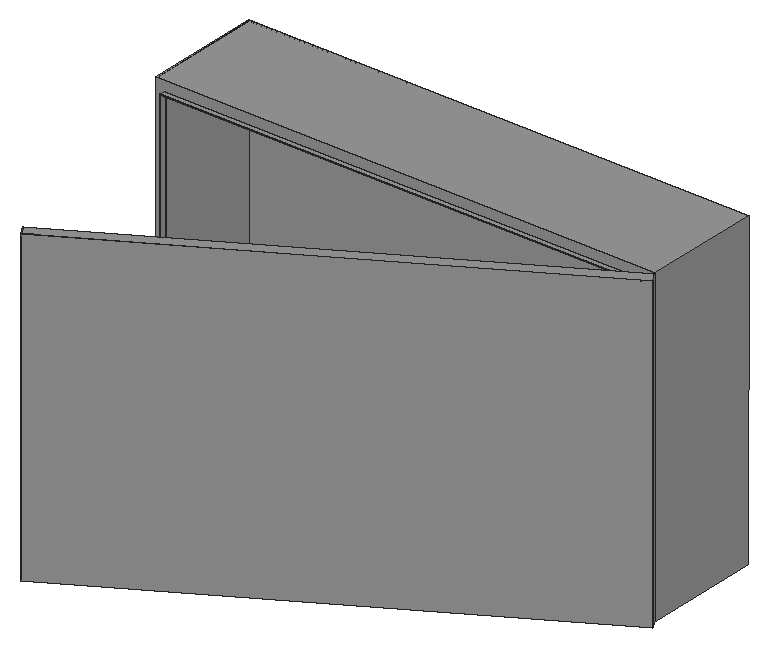
Revit family "Hager-Univers-IP44-D205-Cl.I-H500_Base-NoHosted-CH-de", category Equipement électrique, Revit 2020
Family settings
  Configuration du panneau = Deux colonnes, circuits au sein
  Cote de connecteur circulaire = Utiliser le diamètre
  Type d'élément = Tableau de raccordement
  Basée sur le plan de construction = Oui
  Toujours verticalement = Oui
  Couper avec des vides une fois chargée = Non
  Partagée = Non
  Point de calcul de pièce = Non
Parameters (values of type "Aufputz IP44 B800 H500 T205  - ZB013T")
  Width Control [instance] = if([EF000008 - Breite] > Min Width, [EF000008 - Breite], Min Width)  # 800 mm
  Commentaires du type = [HG000003 - Bereich]  # "Univers"
  Thickness Door [instance] = if([EF009171 - Materialstärke Tür/Deckel] > 3 mm, 3 mm, [EF009171 - Materialstärke Tür/Deckel])  # 1 mm
  Seal Frame Offset [instance] = 17 mm  # constant formula
  Plinth Visibility [instance] = [HG000027 - Sockelhöhe] > 0 mm  # no
  Min Width [instance] = 100 mm  # constant formula
  Min Depth [instance] = (2 * [EF009170 - Materialstärke Gehäuse]) + 1 mm  # 3 mm
  Min Height [instance] = 100 mm  # constant formula
  Internal Frame Depth [instance] = (Door System Depth * 0.5)  # 9 mm
  Panel Name [instance] = ""  # (empty or 0)
  Model = ""
  HG000027 - Sockelhöhe = 0 mm
  HG000026 - Stehend auf dem Boden = no
  HG000024 - Höhe des unteren Teils = 600 mm
  HG000023 - Gehäuse mit doppeltem Querschnitt = no
  HG000016 - 3D-Türsichtbarkeit [instance] = yes
  HG000015 - Sichtbarkeit der Türöffnung [instance] = no
  HG000014 - Tür rechts [instance] = yes
  HG000013 - Tür links [instance] = not([HG000014 - Tür rechts])  # no
  HG000012 - Türschwenkwinkel [instance] = 30.00°
  HG000010 - Asymmetrische Türen = no
  HG000009 - Doppelflügeligen Tür = no
  HG000006 - Unterputz = no
  HG000004 - Herstellerreferenz = "ZB013T"
  HG000003 - Bereich = "Univers"
  HG000002 - Mit tür = yes
  Frame Offset Bottom [instance] = 10 mm  # constant formula
  Frame Offset [instance] = 15 mm  # constant formula
  EF015940 - Deckel mit Überdruckentlastung = no
  EF011959 - Schutzart (NEMA) = ""
  EF009554 - Anzahl der Öffnungen für Flanschplatten = 0
  EF009212 - Ausführung Deckel = "EV000116 - geschlossen"
  EF009171 - Materialstärke Tür/Deckel = 1 mm
  EF009170 - Materialstärke Gehäuse = 1 mm
  EF008873 - Nennstrom (In) = 250 A
  EF007800 - Geeignet für Blitzschutz = no
  EF006306 - Mit Schloss = no
  EF006244 - Transparenter Deckel/Tür = no
  EF005474 - Schutzart (IP) = "EV006418 - IP44"
  EF004464 - Art der Tür = "EV003602 - Doppel"
  EF004427 - Anzahl der Module = 0
  EF004293 - Schlagfestigkeit = "EV006815 - IK09"
  EF003532 - Geeignet für Außengebrauch = no
  EF002950 - Breite in Teilungseinheiten = 0
  EF001613 - Funktionserhalt = "EV000494 - ohne"
  EF001596 - Werkstoff des Gehäuses = "EV000179 - Stahl"
  EF001131 - Innentiefe = 0 mm
  EF001088 - Anbaumöglichkeit = yes
  EF000437 - Anzahl der Leitungseinführungen = 0
  EF000339 - Art der Abdeckung = "EV004216 - Tür"
  EF000266 - Anzahl der Reihen = 0
  EF000218 - Einbautiefe = 0 mm
  EF000118 - Mit Montageplatte = no
  EF000116 - RAL-Nummer = "9010"
  EF000049 - Tiefe = 205 mm
  EF000040 - Höhe = 500 mm
  EF000008 - Breite = 800 mm
  EF000007 - Farbe = "EV000202 - weiß"
  EF000003 - Montageart = "EV000384 - Aufputz"
  Door System Leaf Tolerance [instance] = 1.5 mm  # constant formula
  Door System Depth [instance] = 18 mm  # constant formula
  Door Height [instance] = Height Control - [HG000027 - Sockelhöhe]  # 500 mm
  Description = ""
  Default Elevation = 1219.2 mm
  Connector Offset [instance] = Height Control / 2  # 250 mm
  Fabricant = "Hager"  # constant formula
  Height Control [instance] = if([EF000040 - Höhe] > Min Height, [EF000040 - Höhe], Min Height)  # 500 mm
  Depth Control [instance] = if([EF000049 - Tiefe] > Min Depth, [EF000049 - Tiefe], Min Depth)  # 205 mm
  Bottom Top Plate Trim [instance] = 1.5 mm  # constant formula
  Plinth height Ctrl [instance] = if([HG000027 - Sockelhöhe] > 0 mm, [HG000027 - Sockelhöhe], 12 mm)  # 12 mm
Types (2, lengths in mm): name | Width Control | HG000004 - Herstellerreferenz | EF004464 - Art der Tür | EF000008 - Breite
  Aufputz IP44 B550 H500 T205  - ZB012T | 550 | "ZB012T" | "EV002646 - Einzel" | 550
  Aufputz IP44 B800 H500 T205  - ZB013T | 800 | "ZB013T" | "EV003602 - Doppel" | 800
Reference planes
  plane 1 "Center (Front/Back)": y = 0
  plane 2: z = 0
  plane 3 "Center (Left/Right)": x = 0
  plane 4: y = 0
  plane 5: y = 0
  plane 6: z = 0
  plane 7: x = -400
  plane 8: x = 400
  plane 9: x = 399
  plane 10: x = -399
  plane 11: z = 0
  plane 12: z = 1
  plane 13: y = -205
  plane 14: y = -1
  plane 15: x = 0
  plane 16: y = -187
  plane 17: y = -204
  plane 18: y = -186
  plane 19: x = -384
  plane 20: x = 384
  plane 21: z = 11
  plane 22: x = -383
  plane 23: x = 383
  plane 24: z = 0
  plane 25: z = 500
  plane 26: z = 500
  plane 27: z = 484
  plane 28: z = 499
Forms (mm)
  Extrusion 1, solid, material "Hager_Steel_RAL7035_Light_Grey", detail levels medium+fine
    sketch origin (-208.679, -4572, 0) x (-1, 0, 0) y (0, -1, 0)
      loop
        line (191.321, -4385) -> (-608.679, -4385) -> (-608.679, -4572) -> (191.321, -4572) -> (191.321, -4385)
    from 0 to 500
  Extrusion 2, void
    sketch origin (-350.771, -205, 1219.2) x (1, 0, 0) y (0, 0, 1)
      loop
        line (-48.229, -720.2) -> (-48.229, -1218.2) -> (749.771, -1218.2) -> (749.771, -720.2) -> (-48.229, -720.2)
    from -19 to -204
  Extrusion 3, void
    sketch origin (-290.084, -187, 1219.2) x (1, 0, 0) y (0, 0, 1)
      loop
        line (-93.916, -1208.2) -> (674.084, -1208.2) -> (674.084, -735.2) -> (-93.916, -735.2) -> (-93.916, -1208.2)
    from 0 to -1
  Extrusion 4, solid, material "Hager_Steel_RAL7035_Light_Grey", visible <- "Plinth Visibility", detail levels medium+fine
    sketch origin (0, 0, 0) x (1, 0, 0) y (0, 1, 0)
      loop
        line (-400, 0) -> (-400, -187) -> (400, -187) -> (400, 0) -> (-400, 0)
    from 0 to 12 <- "Plinth height Ctrl"
  Extrusion 5, solid, material "Hager_Steel_RAL7035_Light_Grey", detail levels coarse
    sketch origin (0, 0, 0) x (1, 0, 0) y (0, 1, 0)
      loop
        line (-400, 0) -> (-400, -205) -> (400, -205) -> (400, 0) -> (-400, 0)
    from 0 to 500 <- "Height Control"
  Sweep 6, void
    path in 3D
      loop
        line (-400, -187, 12) -> (400, -187, 12) -> (400, 0, 12) -> (-400, 0, 12) -> (-400, -187, 12)
    profile origin (-400, -93.5, 12) x (1, 0, 0) y (0, 0, 1)
      loop
        line (0, 0) -> (0, -1.5) -> (1.5, -1.5)
        arc (1.5, -1.5) -> (1.061, -0.439) -> (0, 0) r 1.5
  Extrusion 7, solid, material "Hager_Steel_RAL7035_Light_Grey", detail levels fine
    sketch origin (-400, -187, 0) x (1, 0, 0) y (0, 0, 1)
      loop
        line (16, 11) -> (784, 11) -> (784, 484) -> (16, 484) -> (16, 11)
      loop
        line (15, 10) -> (785, 10) -> (785, 485) -> (15, 485) -> (15, 10)
    from 0 to 9 <- "Internal Frame Depth"
Cuts and joins
  Extrusion 2, Extrusion 3 cuts Extrusion 1
  Sweep 6 cuts Extrusion 4
Lines and regions (mm)
  Masking region 1
    outline origin (0, 0, 0) x (1, 0, 0) y (0, 1, 0)
      loop
        line (-400, 0) -> (-400, -205) -> (400, -205) -> (400, 0) -> (-400, 0)
  Masking region 2, detail levels coarse
    outline origin (-290.084, -187, 1219.2) x (-1, 0, 0) y (0, 0, 1)
      loop
        line (-690.084, -1219.2) -> (109.916, -1219.2) -> (109.916, -719.2) -> (-690.084, -719.2) -> (-690.084, -1219.2)
  Masking region 3, detail levels coarse
    outline origin (0, 0, 0) x (0, 1, 0) y (0, 0, 1)
      loop
        line (0, 0) -> (0, 500) -> (-205, 500) -> (-205, 0) -> (0, 0)
  Masking region 4, visible <- "Plinth Visibility", detail levels medium+fine
    outline origin (0, 0, 0) x (0, 1, 0) y (0, 0, 1)
      loop
        line (-1.5, 12) -> (-185.5, 12)
        arc (-185.5, 12) -> (-185.939, 10.939) -> (-187, 10.5) r 1.5
        line (-187, 10.5) -> (-187, 0) -> (0, 0) -> (0, 10.5)
        arc (0, 10.5) -> (-1.061, 10.939) -> (-1.5, 12) r 1.5
  Masking region 5, detail levels medium+fine
    outline origin (0, 0, 594.038) x (0, 1, 0) y (0, 0, 1)
      loop
        line (0, -594.038) -> (0, -94.038) -> (-187, -94.038) -> (-187, -594.038) -> (0, -594.038)
  Masking region 6, detail levels medium+fine
    outline origin (-359.7, -187, 1211.883) x (-1, 0, 0) y (0, 0, 1)
      loop
        line (-759.7, -1211.883) -> (40.3, -1211.883) -> (40.3, -711.883) -> (-759.7, -711.883) -> (-759.7, -1211.883)
  Masking region 7, visible <- "Plinth Visibility", detail levels medium+fine
    outline origin (-320.334, -187, 1041.368) x (-1, 0, 0) y (0, 0, 1)
      loop
        line (-720.334, -1041.368) -> (79.666, -1041.368) -> (79.666, -1030.868)
        arc (79.666, -1030.868) -> (78.606, -1030.429) -> (78.166, -1029.368) r 1.5
        line (78.166, -1029.368) -> (-718.834, -1029.368)
        arc (-718.834, -1029.368) -> (-719.273, -1030.429) -> (-720.334, -1030.868) r 1.5
        line (-720.334, -1030.868) -> (-720.334, -1041.368)
  sketch lines
    curve 1: line (-400, 0, 12) -> (-400, -187, 12)
    curve 2: line (-400, -187, 12) -> (400, -187, 12)
    curve 3: line (400, 0, 12) -> (-400, 0, 12)
    curve 4: line (400, -187, 12) -> (400, 0, 12)
Dimensions and locks
  locked: plane 1 "Center (Front/Back)" to plane 5
  "EF009170 - Materialstärke Gehäuse": plane 7 to plane 10
  "EF009170 - Materialstärke Gehäuse": plane 8 to plane 9
  equal spacing: plane 7, plane 3 "Center (Left/Right)", plane 8
  "Width Control": plane 7 to plane 8
  "Depth Control": plane 4 to plane 13
  "EF009170 - Materialstärke Gehäuse": plane 4 to plane 14
  "Height Control": plane 25 to level
  "HG000027 - Sockelhöhe": plane 11 to level
  "EF009170 - Materialstärke Gehäuse": plane 12 to plane 11
  "EF009170 - Materialstärke Gehäuse": plane 17 to plane 13
  "EF009170 - Materialstärke Gehäuse": plane 18 to plane 16
  "Frame Offset Bottom": plane 21 to plane 12
  "Frame Offset": plane 10 to plane 19
  "Frame Offset": plane 9 to plane 20
  "Door System Depth": plane 16 to plane 13
  "Seal Frame Offset": plane 7 to plane 22
  "Seal Frame Offset": plane 8 to plane 23
  "EF009170 - Materialstärke Gehäuse": plane 26 to plane 28
  "Frame Offset": plane 28 to plane 27
  "Connector Offset": plane 2 to connector elem
  "Bottom Top Plate Trim": profile plane to Sweep 6 sketch curve
  "Bottom Top Plate Trim": Sweep 6 sketch curve to Sweep 6 sketch curve
  "Plinth height Ctrl": Masking region 4 sketch curve to level
  "Plinth height Ctrl": Masking region 7 sketch curve to level
  "Thickness Door": Extrusion 7 sketch curve to Extrusion 7 sketch curve  (x4)
  "Bottom Top Plate Trim": radius of Sweep 6 sketch curve
  "Bottom Top Plate Trim": radius of Masking region 4 sketch curve  (x2)
  "Bottom Top Plate Trim": radius of Masking region 7 sketch curve  (x2)
  aligned and locked: Extrusion 2 sketch curve to plane 12
  aligned and locked: Extrusion 2 sketch curve to plane 9
  aligned and locked: Extrusion 2 sketch curve to plane 10
  aligned and locked: Extrusion 2 to plane 14
  aligned and locked: Extrusion 1 sketch curve to plane 4
  aligned and locked: plane 8 to Extrusion 1 sketch curve
  aligned and locked: plane 7 to Extrusion 1 sketch curve
  aligned and locked: Extrusion 2 to plane 18
  aligned and locked: plane 19 to Extrusion 3 sketch curve
  aligned and locked: plane 20 to Extrusion 3 sketch curve
  aligned and locked: Extrusion 3 to Extrusion 2
  aligned and locked: Extrusion 3 sketch curve to plane 21
  aligned and locked: plane 3 "Center (Left/Right)" to nested 1
  aligned and locked: Extrusion 1 sketch curve to plane 16
  aligned and locked: Extrusion 4 sketch curve to cut or joined group of Extrusion 1, Extrusion 2, Extrusion 3
  aligned and locked: Masking region 1 sketch curve to plane 7
  aligned and locked: Masking region 1 sketch curve to plane 5
  aligned and locked: Masking region 1 sketch curve to plane 8
  aligned and locked: Masking region 2 sketch curve to level
  aligned and locked: level to Masking region 3 sketch curve
  aligned and locked: plane 1 "Center (Front/Back)" to Masking region 3 sketch curve
  aligned and locked: plane 13 to Masking region 3 sketch curve
  aligned and locked: plane 5 to Masking region 4 sketch curve
  aligned and locked: Masking region 2 sketch curve to plane 8
  aligned and locked: Masking region 2 sketch curve to plane 7
  aligned and locked: plane 7 to nested 2
  aligned and locked: nested 2 to plane 5
  aligned and locked: plane 5 to Masking region 5 sketch curve
  aligned and locked: plane 26 to Masking region 5 sketch curve
  aligned and locked: Extrusion 5 sketch curve to plane 8
  aligned and locked: Extrusion 5 sketch curve to plane 7
  aligned and locked: Extrusion 5 sketch curve to plane 5
  aligned and locked: Extrusion 3 sketch curve to plane 27
  aligned and locked: Extrusion 2 sketch curve to plane 28
  aligned and locked: Masking region 2 to plane 25
  aligned and locked: Extrusion 4 to plane 16
  aligned and locked: profile plane to Sweep 6 sketch curve
  aligned and locked: Masking region 5 sketch curve to plane 24
  aligned and locked: level to Masking region 4 sketch curve
  aligned and locked: Masking region 1 to plane 13
  aligned and locked: nested 1 to plane 16
  aligned and locked: Masking region 3 to plane 25
  aligned and locked: plane 16 to Masking region 4 sketch curve
  aligned and locked: Masking region 5 sketch curve to plane 16
  aligned and locked: plane 24 to plane 11
  aligned and locked: plane 26 to plane 25
  aligned and locked: plane 26 to cut or joined group of Extrusion 1, Extrusion 2, Extrusion 3
  aligned and locked: nested 1 to plane 24
  aligned and locked: Extrusion 1 to Extrusion 3
  aligned and locked: Masking region 6 sketch curve to plane 8
  aligned and locked: Masking region 6 sketch curve to plane 24
  aligned and locked: Masking region 6 sketch curve to plane 7
  aligned and locked: Masking region 6 sketch curve to plane 26
  aligned and locked: Masking region 7 sketch curve to plane 7
  aligned and locked: level to Masking region 7 sketch curve
  aligned and locked: Masking region 7 sketch curve to plane 8
  aligned and locked: Extrusion 7 sketch curve to cut or joined group of Extrusion 1, Extrusion 2, Extrusion 3  (x4)
Automatic sketch dimensions
  plane 19 to Extrusion 3 sketch curve = 0 mm
  Extrusion 3 sketch curve to plane 20 = 0 mm
  Extrusion 3 sketch curve to plane 21 = 0 mm
  Extrusion 4 sketch curve to plane 7 = 0 mm
  Extrusion 4 sketch curve to plane 8 = 0 mm
  Extrusion 4 sketch curve to plane 16 = 0 mm
  Masking region 1 sketch curve to plane 13 = 0 mm
  Masking region 2 sketch curve to plane 25 = 0 mm
  Masking region 3 sketch curve to plane 25 = 0 mm
  Extrusion 5 sketch curve to plane 13 = 0 mm
  profile plane to Sweep 6 sketch curve = 0 mm
Nested families
  nested 1: "EC000058_Univers_Door" at (0, -187, 0), Double <- "HG000009 - Doppelflügeligen Tür", Transparent <- "EF006244 - Transparenter Deckel/Tür", Angle <- "HG000012 - Türschwenkwinkel", Door_Right <- "HG000014 - Tür rechts", Assymetrical <- "HG000010 - Asymmetrische Türen", Door <- "HG000002 - Mit tür", Width_Ctrl <- "Width Control", 3d_Door <- "HG000016 - 3D-Türsichtbarkeit", Clearance <- "HG000015 - Sichtbarkeit der Türöffnung", Door_Left <- "HG000013 - Tür links", Width <- "Width Control", Door_Depth <- "Door System Depth", Leaf_Tolerance <- "Door System Leaf Tolerance", Height <- "Door Height", Lock_Visibility <- "EF006306 - Mit Schloss", Thickness <- "Thickness Door", type "EC000058_Univers_Door", detail levels medium+fine
    with min_wh 3 mm, Width_Ctrl 800 mm, Width 800 mm, Transparent no, Thickness 1 mm, Seal_Material Hager_Rubber, Lock_Visibility no, Lock_Material Hager_Plastic_RAL9005_Jet_Black, Leaf_Width 800 mm, Leaf_Tolerance_External_Sides 0 mm, Leaf_Tolerance 1.5 mm, Leaf_Offset 0 mm, Leaf_Height 497 mm, Leaf_2_Width 800 mm, Leaf_2_Offset 400 mm, Leaf_1_Width 800 mm, Leaf_1_Offset 400 mm, Height_Ctrl 500 mm, Height 500 mm, Glass_Material Hager_Glass, Double_Clearance_Ctrl no, Double no, Door_Right_Ctrl yes, Door_Right yes, Door_Material Hager_Steel_RAL7035_Light_Grey, Door_Left_Ctrl no, Door_Left no, Door_Depth 18 mm, Door yes, Clearance_Material Hager_Clearance, Clearance_Depth 800 mm, Clearance_Ctrl no, Clearance no, Assymetrical no, Angle 30.00°, 3d_Door yes
  nested 2: "Hager_Enclosure_Symbol" at (-400, 0, 0), Height <- "Depth Control", Width <- "Width Control", type "Hager_Enclosure_Symbol"
    with Width_Ctrl 800 mm, Width 800 mm, Height_Ctrl 205 mm, Height 205 mm, A_Width_Int 13.453 mm, A_Width 161.438 mm, A_Height_Ctrl 179.375 mm, A_Height 179.375 mm
Connectors
  electrical at (0, 0, 250)
    settings: on plane 1 "Center (Front/Back)", index 1, voltage 0 V, apparent load 0 VA, apparent load phase1 0 VA, apparent load phase2 0 VA, apparent load phase3 0 VA, power factor 1, load classification "Other", number of poles 1, system type 30, power factor state 1, is connector primary yes, connector utility no, sub classification motor no, connector description ""
Definition of nested family "EC000058_Univers_Door"
  Parameters (values of type "EC000058_Univers_Door")
    min_wh [instance] = (2 * Thickness) + 1 mm  # 11 mm
    Width_Ctrl [instance] = 400 mm
    Width [instance] = 500 mm
    Transparent [instance] = yes
    Thickness [instance] = 5 mm
    Seal_Material [instance] = none
    Lock_Visibility [instance] = yes
    Lock_Material [instance] = none
    Leaf_Width [instance] = if((Width_Ctrl - 2 * Leaf_Tolerance_External_Sides) > 0 mm, (Width_Ctrl - 2 * Leaf_Tolerance_External_Sides), min_wh)  # 400 mm
    Leaf_Tolerance_External_Sides [instance] = 0 mm  # constant formula
    Leaf_Tolerance [instance] = 1.5 mm
    Leaf_Offset [instance] = 0 mm  # constant formula
    Leaf_Height [instance] = if((Height_Ctrl - 2 * Leaf_Tolerance) > 0 mm, (Height_Ctrl - 2 * Leaf_Tolerance), min_wh)  # 497 mm
    Leaf_2_Width [instance] = if(and(and(Double, Assymetrical), Door_Left), (Leaf_Width / 3) - (Leaf_Tolerance / 2), if(and(and(Double, Assymetrical), Door_Right), (Leaf_Width / 3) * 2 - (Leaf_Tolerance / 2), if(and(Double, not(Assymetrical)), (Leaf_Width / 2) - Leaf_Tolerance, Leaf_Width)))  # 400 mm
    Leaf_2_Offset [instance] = if(and(Double, Assymetrical), Leaf_2_Width / 2, if(and(Double, not(Assymetrical)), Leaf_Width / 4, Leaf_Width / 2))  # 200 mm
    Leaf_1_Width [instance] = if(and(and(Double, Assymetrical), Door_Right), (Leaf_Width / 3) - (Leaf_Tolerance / 2), if(and(and(Double, Assymetrical), Door_Left), (Width / 3) * 2 - (Leaf_Tolerance / 2), if(and(Double, not(Assymetrical)), (Leaf_Width / 2) - Leaf_Tolerance, Leaf_Width)))  # 400 mm
    Leaf_1_Offset [instance] = if(and(Double, Assymetrical), Leaf_1_Width / 2, if(and(Double, not(Assymetrical)), Leaf_Width / 4, Leaf_Width / 2))  # 200 mm
    Height_Ctrl [instance] = if(Height > min_wh, Height, min_wh)  # 500 mm
    Height [instance] = 500 mm
    Glass_Material [instance] = none
    Double_Clearance_Ctrl [instance] = and(Double, Clearance)  # no
    Double [instance] = no
    Door_Right_Ctrl [instance] = and(or(Door_Right, Double), Door)  # yes
    Door_Right [instance] = yes
    Door_Material [instance] = none
    Door_Left_Ctrl [instance] = and(or(Door_Left, Double), Door)  # no
    Door_Left [instance] = no
    Door_Depth [instance] = 30 mm
    Door [instance] = yes
    Default Elevation = 1219.2 mm
    Clearance_Material [instance] = none
    Clearance_Depth [instance] = if(Leaf_1_Width > Leaf_2_Width, Leaf_1_Width, Leaf_2_Width)  # 400 mm
    Clearance_Ctrl [instance] = and(not(Double), Clearance)  # yes
    Clearance [instance] = yes
    Assymetrical [instance] = yes
    Angle [instance] = 30.00°
    3d_Door [instance] = yes
  Reference planes
    plane 1 "Center (Front/Back)": y = 0
    plane 2 "Bottom": z = 0
    plane 3 "Center (Left/Right)": x = 0
    plane 4: z = 500
    plane 5: x = -200
    plane 6: x = 200
    plane 7: z = 500
    plane 8: x = -200
    plane 9: z = 0
    plane 10: x = 200
    plane 11: y = 0
    plane 12: z = 1.5
    plane 13: x = -600
    plane 14: y = -400
    plane 15: x = 600
    plane 16: x = 0
    plane 17: x = 0
    plane 18: x = -200
    plane 19: x = 200
    plane 20: z = 498.5
  Forms (mm)
    Extrusion 1, solid, material <- "Clearance_Material", visible <- "Double_Clearance_Ctrl"
      sketch origin (1200, 0, 0) x (1, 0, 0) y (0, 0, -1)
        loop
          line (-1800, -498.5) -> (-600, -498.5) -> (-600, 0) -> (-1800, 0) -> (-1800, -498.5)
      from 0 to -400
  Dimensions and locks
    equal spacing: plane 5, plane 3 "Center (Left/Right)", plane 6
    "Width_Ctrl": plane 5 to plane 6
    "Leaf_Offset": plane 5 to plane 8
    "Leaf_Offset": plane 6 to plane 10
    "Leaf_Offset": plane 9 to level
    "Leaf_Offset": plane 4 to plane 7
    "Height_Ctrl": plane 4 to level
    "Leaf_Tolerance": plane 12 to plane 9
    locked: plane 11 to plane 1 "Center (Front/Back)"
    "Leaf_1_Offset": plane 18 to plane 16
    "Leaf_2_Offset": plane 17 to plane 19
    "Leaf_1_Width": plane 13 to plane 8
    "Leaf_2_Width": plane 10 to plane 15
    "Clearance_Depth": plane 14 to plane 1 "Center (Front/Back)"
    "Leaf_Tolerance_External_Sides": plane 8 to plane 18
    "Leaf_Tolerance_External_Sides": plane 19 to plane 10
    "Leaf_Tolerance": plane 7 to plane 20
    aligned and locked: level to plane 2 "Bottom"
    aligned and locked: nested 1 to plane 16
    aligned and locked: nested 2 to plane 17
    aligned and locked: Extrusion 1 to plane 13
    aligned and locked: plane 15 to Extrusion 1
    aligned and locked: Extrusion 1 to plane 14
    aligned and locked: plane 12 to nested 1
    aligned and locked: nested 2 to plane 12
    aligned and locked: Extrusion 1 to plane 11
    aligned and locked: plane 20 to Extrusion 1
    aligned and locked: nested 2 to plane 11
    aligned and locked: nested 1 to plane 11
  Automatic sketch dimensions
    Extrusion 1 sketch curve to level = 0 mm
    plane 5 to Extrusion 1 sketch curve = 400 mm
    plane 6 to Extrusion 1 sketch curve = 400 mm
    Extrusion 1 sketch curve to plane 4 = 1.5 mm
  Nested families
    nested 1: "EC000058_Univers_Door_Leaf" at (0, 0, 1.5), Width <- "Leaf_1_Width", visible <- "Door_Left_Ctrl", Leaf_Height <- "Leaf_Height", Angle <- "Angle", 3d_Door <- "3d_Door", Transparent <- "Transparent", Clearance Material <- "Clearance_Material", Clearance <- "Clearance_Ctrl", Door_Material <- "Door_Material", Glass_Material <- "Glass_Material", Door_Depth <- "Door_Depth", Lock_Material <- "Lock_Material", Seal_Material <- "Seal_Material", Lock_Visibility <- "Lock_Visibility", Thickness <- "Thickness", type "EC000058_Univers_Door_Leaf"
      with Width 400 mm, Transparent_Glass_Offset 30 mm, Transparent_Ctrl yes, Transparent yes, Thickness 5 mm, Standard no, Seal_Material none, Seal_D2 8 mm, Seal_D1 1 mm, Offset_Internal_Frame 10 mm, Lock_Width 20 mm, Lock_Visibility_3d yes, Lock_Visibility yes, Lock_Thickness_3 3 mm, Lock_Thickness_2 1 mm, Lock_Thickness_1 3 mm, Lock_Radius_Offset_2 16 mm, Lock_Radius_Offset_1 15 mm, Lock_Radius_2 5 mm, Lock_Radius 6 mm, Lock_Offset 5 mm, Lock_Material none, Lock_Height 80 mm, Lock_Cover_Top_Offset_2d 17 mm, Lock_Cover_Height -65 mm, Leaf_Height 497 mm, Internal_Seal_Thickness 8 mm, Internal_Seal_Depth_2 4.5 mm, Internal_Frame_Depth 25 mm, Glass_Thickness -1 mm, Glass_Offset -2 mm, Glass_Material none, Door_Material none, Door_Depth 30 mm, Clearance Material none, Clearance yes, Angle_Ctrl 30.00°, Angle 30.00°, 3d_Door yes
    nested 2: "EC000058_Univers_Door_Leaf" at (0, 0, 1.5) x (-1, 0, 0) z (0, 0, 1), Width <- "Leaf_2_Width", visible <- "Door_Right_Ctrl", Leaf_Height <- "Leaf_Height", Angle <- "Angle", 3d_Door <- "3d_Door", Transparent <- "Transparent", Clearance Material <- "Clearance_Material", Clearance <- "Clearance_Ctrl", Door_Material <- "Door_Material", Glass_Material <- "Glass_Material", Door_Depth <- "Door_Depth", Lock_Material <- "Lock_Material", Seal_Material <- "Seal_Material", Lock_Visibility <- "Lock_Visibility", Thickness <- "Thickness", type "EC000058_Univers_Door_Leaf"
      with Width 400 mm, Transparent_Glass_Offset 30 mm, Transparent_Ctrl yes, Transparent yes, Thickness 5 mm, Standard no, Seal_Material none, Seal_D2 8 mm, Seal_D1 1 mm, Offset_Internal_Frame 10 mm, Lock_Width 20 mm, Lock_Visibility_3d yes, Lock_Visibility yes, Lock_Thickness_3 3 mm, Lock_Thickness_2 1 mm, Lock_Thickness_1 3 mm, Lock_Radius_Offset_2 16 mm, Lock_Radius_Offset_1 15 mm, Lock_Radius_2 5 mm, Lock_Radius 6 mm, Lock_Offset 5 mm, Lock_Material none, Lock_Height 80 mm, Lock_Cover_Top_Offset_2d 17 mm, Lock_Cover_Height -65 mm, Leaf_Height 497 mm, Internal_Seal_Thickness 8 mm, Internal_Seal_Depth_2 4.5 mm, Internal_Frame_Depth 25 mm, Glass_Thickness -1 mm, Glass_Offset -2 mm, Glass_Material none, Door_Material none, Door_Depth 30 mm, Clearance Material none, Clearance yes, Angle_Ctrl 30.00°, Angle 30.00°, 3d_Door yes
  Definition of nested family "EC000058_Univers_Door_Leaf"
    Parameters (values of type "EC000058_Univers_Door_Leaf")
      Width [instance] = 2000 mm
      Transparent_Glass_Offset [instance] = 30 mm
      Transparent_Ctrl [instance] = and(Transparent, [3d_Door])  # yes
      Transparent [instance] = yes
      Thickness [instance] = 5 mm
      Standard [instance] = and(not(Transparent), [3d_Door])  # no
      Seal_Material [instance] = none
      Seal_D2 [instance] = 8 mm  # constant formula
      Seal_D1 [instance] = 1 mm  # constant formula
      Offset_Internal_Frame [instance] = 10 mm  # constant formula
      Lock_Width [instance] = 20 mm  # constant formula
      Lock_Visibility_3d [instance] = and(Lock_Visibility, [3d_Door])  # yes
      Lock_Visibility [instance] = yes
      Lock_Thickness_3 [instance] = 3 mm  # constant formula
      Lock_Thickness_2 [instance] = 1 mm  # constant formula
      Lock_Thickness_1 [instance] = 3 mm  # constant formula
      Lock_Radius_Offset_2 [instance] = Lock_Radius_Offset_1 + 1 mm  # 16 mm
      Lock_Radius_Offset_1 [instance] = 15 mm  # constant formula
      Lock_Radius_2 [instance] = Lock_Radius - 1 mm  # 5 mm
      Lock_Radius [instance] = 6 mm  # constant formula
      Lock_Offset [instance] = 5 mm  # constant formula
      Lock_Material [instance] = none
      Lock_Height [instance] = 80 mm  # constant formula
      Lock_Cover_Top_Offset_2d [instance] = Lock_Radius_Offset_2 + 1 mm  # 17 mm
      Lock_Cover_Height [instance] = -(Lock_Height - Lock_Radius_Offset_1)  # -65 mm
      Leaf_Height [instance] = 2720.336 mm
      Internal_Seal_Thickness [instance] = 8 mm  # constant formula
      Internal_Seal_Depth_2 [instance] = 4.5 mm  # constant formula
      Internal_Frame_Depth [instance] = if(Door_Depth - Thickness > 5 mm, Door_Depth - Thickness, 5 mm)  # 25 mm
      Glass_Thickness [instance] = if(Thickness > 15 mm, Glass_Offset + 10 mm, -1 mm)  # -1 mm
      Glass_Offset [instance] = if(Thickness > 15 mm, -(Thickness + 10 mm) / 2, -2 mm)  # -2 mm
      Glass_Material [instance] = none
      Door_Material [instance] = none
      Door_Depth [instance] = 30 mm
      Default Elevation = 0 mm
      Clearance Material [instance] = none
      Clearance [instance] = yes
      Angle_Ctrl [instance] = if(Angle > 180.00°, 180.00°, Angle)  # 90.00°
      Angle [instance] = 90.00°
      3d_Door [instance] = yes
    Reference planes
      plane 1 "Center (Front/Back)": y = 0
      plane 2: z = 0
      plane 3 "Center (Left/Right)": x = 0
      plane 4: y = 2000
      plane 5: x = -1000
      plane 6: x = 1000
      plane 7: x = -3000
      plane 8: z = 2720.336
      plane 9: z = 30
      plane 10: z = 2690.336
      plane 11: x = 970
      plane 12: x = -970
      plane 13: y = -3
      plane 14: z = 107.833
      plane 15: y = -5
      plane 16: y = -223.314
      plane 17: x = -1000
      plane 18: z = 1360.168
      plane 19: y = 30
    Forms (mm)
      Extrusion 1, solid, material <- "Clearance Material", visible <- "Clearance"
        sketch origin (0, 0, 0) x (1, 0, 0) y (0, 0, 1)
          loop
            line (-3000, 2720.336) -> (-3000, 0) -> (1000, 0) -> (1000, 2720.336) -> (-3000, 2720.336)
        from 0 to -2000
      Extrusion 2, solid, material <- "Door_Material", visible <- "Standard", detail levels medium+fine
        sketch origin (-1000, 0, 0) x (0, 1, 0) y (-1, 0, 0)
          loop
            line (0, 30) -> (0, 25) -> (2000, 25) -> (2000, 30) -> (0, 30)
        from 0 to 2720.336 <- "Leaf_Height"
      Extrusion 3, solid, material <- "Door_Material", visible <- "Transparent_Ctrl", detail levels medium+fine
        sketch origin (-1000, 0, 0) x (0, 1, 0) y (-1, 0, 0)
          loop
            line (0, 25) -> (2000, 25) -> (2000, 30) -> (0, 30) -> (0, 25)
        from 0 to 2720.336 <- "Leaf_Height"
      Extrusion 4, void
        sketch origin (-1025, 2000, 0) x (0, 1, 0) y (0, 0, -1)
          loop
            line (-30, -2690.336) -> (-30, -30) -> (-1970, -30) -> (-1970, -2690.336) -> (-30, -2690.336)
        from 0 to 5 <- "Thickness"
      Sweep 5, solid, material <- "Seal_Material", visible <- "Transparent_Ctrl", detail levels fine
        path in 3D
          loop
            line (-1025, 30, 30) -> (-1025, 30, 2690.336) -> (-1025, 1970, 2690.336) -> (-1025, 1970, 30) -> (-1025, 30, 30)
        profile origin (-1025, 1000, 30) x (1, 0, 0) y (0, 0, 1)
          loop
            line (0, 0) -> (0, -8) -> (1, -8) -> (1, 0) -> (0, 0)
      Extrusion 6, solid, material <- "Glass_Material", visible <- "Transparent_Ctrl", detail levels medium+fine
        sketch origin (-1030, 0, 0) x (0, 1, 0) y (0, 0, -1)
          loop
            line (1970, -2690.336) -> (1970, -30) -> (30, -30) -> (30, -2690.336) -> (1970, -2690.336)
        from -2 <- "Glass_Offset" to -1 <- "Glass_Thickness"
      Extrusion 7, solid, material <- "Door_Material", visible <- "3d_Door", detail levels medium+fine
        sketch origin (-1025, 2000, 0) x (0, -1, 0) y (0, 0, -1)
          loop
            line (0, -2720.336) -> (2000, -2720.336) -> (2000, 0) -> (0, 0) -> (0, -2720.336)
          loop
            line (1995, -5) -> (5, -5) -> (5, -2715.336) -> (1995, -2715.336) -> (1995, -5)
        from 0 to 25 <- "Internal_Frame_Depth"
      Sweep 8, solid, material <- "Seal_Material", visible <- "Transparent_Ctrl", detail levels fine
        path in 3D
          loop
            line (-1025, 0, 0) -> (-1025, 2000, 0) -> (-1025, 2000, 2720.336) -> (-1025, 0, 2720.336) -> (-1025, 0, 0)
        profile origin (-1025, 0, 1360.168) x (1, 0, 0) y (0, 1, 0)
          loop
            line (0, 10) -> (2.975, 10)
            arc (2.975, 10) -> (4.053, 10.447) -> (4.5, 11.525) r 1.525
            line (4.5, 11.525) -> (4.5, 16.527)
            arc (4.5, 16.527) -> (4.069, 17.569) -> (3.027, 18) r 1.473
            line (3.027, 18) -> (0, 18) -> (0, 10)
      Extrusion 9, solid, material <- "Lock_Material", visible <- "Lock_Visibility_3d", detail levels fine
        sketch origin (-1030, 0, 0) x (0, 1, 0) y (0, 0, -1)
          loop
            arc (1993.5, -1400.168) -> (1994.561, -1399.729) -> (1995, -1398.668) r 1.5
            line (1995, -1398.668) -> (1995, -1320.168) -> (1975, -1320.168) -> (1975, -1398.668)
            arc (1975, -1398.668) -> (1975.439, -1399.729) -> (1976.5, -1400.168) r 1.5
            line (1976.5, -1400.168) -> (1993.5, -1400.168)
        from 3 <- "Lock_Thickness_1" to 0
      Blend 10, solid, material <- "Lock_Material", visible <- "Lock_Visibility_3d", detail levels fine
        base sketch origin (-1033, 0, 0) x (0, 1, 0) y (0, 0, -1)
          loop
            line (1975, -1320.168) -> (1975, -1398.668)
            arc (1975, -1398.668) -> (1975.439, -1399.729) -> (1976.5, -1400.168) r 1.5
            line (1976.5, -1400.168) -> (1993.5, -1400.168)
            arc (1993.5, -1400.168) -> (1994.561, -1399.729) -> (1995, -1398.668) r 1.5
            line (1995, -1398.668) -> (1995, -1320.168) -> (1975, -1320.168)
        top sketch origin (-1033, 0, 0) x (0, 1, 0) y (0, 0, -1)
          loop
            line (1976, -1320.168) -> (1976, -1398.668)
            arc (1976, -1398.668) -> (1976.146, -1399.022) -> (1976.5, -1399.168) r 0.5
            line (1976.5, -1399.168) -> (1993.5, -1399.168)
            arc (1993.5, -1399.168) -> (1993.854, -1399.022) -> (1994, -1398.668) r 0.5
            line (1994, -1398.668) -> (1994, -1320.168) -> (1976, -1320.168)
        from 0 to 1 <- "Lock_Thickness_2"
      Blend 11, solid, material <- "Lock_Material", visible <- "Lock_Visibility_3d", detail levels fine
        base sketch origin (-1034, 0, 0) x (0, 1, 0) y (0, 0, -1)
          loop
            line (1978, -1320.168) -> (1978, -1384.168)
            arc (1978, -1384.168) -> (1985, -1391.168) -> (1992, -1384.168) r 7
            line (1992, -1384.168) -> (1992, -1320.168) -> (1978, -1320.168)
        top sketch origin (-1034, 0, 0) x (0, 1, 0) y (0, 0, -1)
          loop
            line (1991, -1320.168) -> (1979, -1320.168) -> (1979, -1383.168)
            arc (1979, -1383.168) -> (1985, -1389.168) -> (1991, -1383.168) r 6
            line (1991, -1383.168) -> (1991, -1320.168)
        from 0 to 3 <- "Lock_Thickness_3"
      Extrusion 12, solid, material <- "Lock_Material", visible <- "Lock_Visibility_3d", detail levels fine
        sketch origin (-1030, 1975, 1320.168) x (1, 0, 0) y (0, -1, 0)
          loop
            line (-7, -19) -> (-7, -1) -> (0, -1) -> (0, 0) -> (-8, 0) -> (-8, -20) -> (0, -20) -> (0, -19) -> (-7, -19)
        from 0 to -65 <- "Lock_Cover_Height"
      Extrusion 13, void
        sketch origin (-1038, 1995, 1320.168) x (-1, 0, 0) y (0, 0, -1)
          loop
            line (-5, -65) -> (0, -65) -> (-5, -60) -> (-5, -65)
        from 0 to 20 <- "Lock_Width"
      Extrusion 14, void
        sketch origin (-1038, 1975, 1320.168) x (0, -1, 0) y (0, 0, -1)
          loop
            circle (-10, -15.995) r 6
          loop
            circle (-10, -15.995) r 5
        from 0 to 2
      Extrusion 15, solid, material <- "Lock_Material", visible <- "Lock_Visibility_3d", detail levels medium
        sketch origin (-1030, 0, 0) x (0, 1, 0) y (0, 0, -1)
          loop
            arc (1993.5, -1400.168) -> (1994.561, -1399.729) -> (1995, -1398.668) r 1.5
            line (1995, -1398.668) -> (1995, -1320.168) -> (1975, -1320.168) -> (1975, -1398.668)
            arc (1975, -1398.668) -> (1975.439, -1399.729) -> (1976.5, -1400.168) r 1.5
            line (1976.5, -1400.168) -> (1993.5, -1400.168)
        from 8 to 0
    Cuts and joins
      Extrusion 4 cuts Extrusion 3
      Extrusion 13, Extrusion 14 cuts Extrusion 9
      Extrusion 14 cuts Blend 11
      Extrusion 13, Extrusion 14 cuts Extrusion 12
      joined: Extrusion 9, Blend 10, Blend 11, Extrusion 12
      Extrusion 14 cuts Extrusion 15
    Lines and regions (mm)
      Masking region 1, visible <- "Lock_Visibility", detail levels fine
        outline origin (0, 0, 0) x (0, 1, 0) y (0, 0, 1)
          loop
            line (30, 1320.168) -> (33, 1320.168) -> (33, 1400.168) -> (30, 1400.168) -> (30, 1320.168)
      Masking region 2, visible <- "Lock_Visibility", detail levels fine
        outline origin (0, 3.143, 0) x (0, 1, 0) y (0, 0, 1)
          loop
            line (29.857, 1354.168) -> (30.857, 1354.168) -> (30.857, 1366.168) -> (29.857, 1366.168) -> (29.857, 1354.168)
      Masking region 3, detail levels medium+fine
        outline origin (0, 0, 0) x (0, 1, 0) y (0, 0, 1)
          loop
            line (0, 0) -> (30, 0) -> (30, 2720.336) -> (0, 2720.336) -> (0, 0)
      Masking region 4, detail levels medium+fine
        outline origin (0, 0, 0) x (1, 0, 0) y (0, 0, 1)
          loop
            line (-1000, 2720.336) -> (-1000, 0) -> (1000, 0) -> (1000, 2720.336) -> (-1000, 2720.336)
      Masking region 5, visible <- "Lock_Visibility", detail levels fine
        outline origin (-47.116, 0, 0) x (1, 0, 0) y (0, 0, 1)
          loop
            arc (1024.616, 1399.168) -> (1023.556, 1398.729) -> (1023.116, 1397.668) r 1.5
            line (1023.116, 1397.668) -> (1023.116, 1320.168) -> (1041.116, 1320.168) -> (1041.116, 1397.668)
            arc (1041.116, 1397.668) -> (1040.677, 1398.729) -> (1039.616, 1399.168) r 1.5
            line (1039.616, 1399.168) -> (1024.616, 1399.168)
      Masking region 6, visible <- "Lock_Visibility", detail levels medium+fine
        outline origin (-25, 0, 0) x (1, 0, 0) y (0, 0, 1)
          loop
            arc (1001.5, 1400.168) -> (1000.439, 1399.729) -> (1000, 1398.668) r 1.5
            line (1000, 1398.668) -> (1000, 1320.168) -> (1020, 1320.168) -> (1020, 1398.668)
            arc (1020, 1398.668) -> (1019.561, 1399.729) -> (1018.5, 1400.168) r 1.5
            line (1018.5, 1400.168) -> (1001.5, 1400.168)
      Masking region 7, visible <- "Lock_Visibility", detail levels fine
        outline origin (-73.735, 0, 0) x (1, 0, 0) y (0, 0, 1)
          loop
            line (1051.735, 1382.168) -> (1065.735, 1382.168) -> (1065.735, 1384.168)
            arc (1065.735, 1384.168) -> (1058.735, 1391.168) -> (1051.735, 1384.168) r 7
            line (1051.735, 1384.168) -> (1051.735, 1382.168)
      Masking region 8, visible <- "Lock_Visibility", detail levels fine
        outline origin (-73.735, 0, 0) x (1, 0, 0) y (0, 0, 1)
          loop
            line (1052.735, 1382.168) -> (1064.735, 1382.168) -> (1064.735, 1383.168)
            arc (1064.735, 1383.168) -> (1058.735, 1389.168) -> (1052.735, 1383.168) r 6
            line (1052.735, 1383.168) -> (1052.735, 1382.168)
      Masking region 9, visible <- "Lock_Visibility", detail levels fine
        outline origin (-25, 0, 0) x (1, 0, 0) y (0, 0, 1)
          loop
            line (1020, 1320.168) -> (1020, 1382.168) -> (1000, 1382.168) -> (1000, 1320.168) -> (1020, 1320.168)
      Masking region 10, detail levels medium+fine
        outline origin (0, 0, 0) x (1, 0, 0) y (0, 0, 1)
          loop
            circle (985, 1335.144) r 6
      Masking region 11, detail levels fine
        outline origin (0, 0, 0) x (1, 0, 0) y (0, 0, 1)
          loop
            circle (985, 1335.144) r 5
      Masking region 12, visible <- "Lock_Visibility", detail levels fine
        outline origin (0, 12.767, 0) x (0, 1, 0) y (0, 0, 1)
          loop
            line (20.233, 1320.168) -> (21.233, 1320.168) -> (21.233, 1399.168) -> (20.233, 1400.168) -> (20.233, 1320.168)
      Masking region 13, visible <- "Lock_Visibility", detail levels fine
        outline origin (0, 13.767, -10) x (0, 1, 0) y (0, 0, 1)
          loop
            line (20.233, 1330.168) -> (23.233, 1330.168) -> (23.233, 1399.168) -> (20.233, 1402.168) -> (20.233, 1330.168)
      Masking region 14, visible <- "Lock_Visibility", detail levels fine
        outline origin (0, 12.767, -10) x (0, 1, 0) y (0, 0, 1)
          loop
            line (20.233, 1330.168) -> (25.233, 1330.168) -> (25.233, 1399.305) -> (20.233, 1394.305) -> (20.233, 1330.168)
      Masking region 15, visible <- "Lock_Visibility", detail levels medium
        outline origin (0, 0, 0) x (0, 1, 0) y (0, 0, 1)
          loop
            line (30, 1320.168) -> (38, 1320.168) -> (38, 1400.168) -> (30, 1400.168) -> (30, 1320.168)
      Masking region 16, visible <- "Lock_Visibility", detail levels fine
        outline origin (-1000, 0, 0) x (0, 1, 0) y (-1, 0, 0)
          loop
            line (1975, 30) -> (1995, 30) -> (1995, 38) -> (1975, 38) -> (1975, 30)
          loop
            line (1979, 37) -> (1976, 37) -> (1976, 34) -> (1978, 34) -> (1979, 37)
          loop
            line (1994, 37) -> (1991, 37) -> (1992, 34) -> (1994, 34) -> (1994, 37)
      Masking region 17, visible <- "Lock_Visibility", detail levels medium
        outline origin (-1000, 0, 0) x (0, 1, 0) y (-1, 0, 0)
          loop
            line (1975, 30) -> (1995, 30) -> (1995, 38) -> (1975, 38) -> (1975, 30)
      symbolic lines
        curve 1: line (1000, 0, 0) -> (-3000, 0, 0)
        curve 2: arc (1000, 0, 0) -> (-1000, 2000, 0) -> (-3000, 0, 0) r 2000
        curve 4: line (-1030, 0, 0) -> (-1030, 2000, 0)
      reference lines
        curve 3: line (-1000, 0, 0) -> (-1000, 2000, 0)
      symbolic lines, detail levels medium+fine
        curve 5: line (-1030, 2000, 0) -> (-1025, 2000, 0)
        curve 7: line (-1025, 0, 0) -> (-1030, 0, 0)
        curve 8: line (-1025, 0, 0) -> (-1000, 0, 0)
        curve 9: line (-1000, 0, 0) -> (-1000, 2000, 0)
        curve 10: line (-1000, 2000, 0) -> (-1025, 2000, 0)
      symbolic lines, detail levels fine
        curve 6: line (-1025, 2000, 0) -> (-1025, 0, 0)
      sketch lines
        curve 11: line (-1025, 0, 2720.336) -> (-1025, 0, 0)
        curve 12: line (-1025, 2000, 0) -> (-1025, 0, 0)
        curve 13: line (-1025, 2000, 2720.336) -> (-1025, 2000, 0)
        curve 14: line (-1025, 0, 2720.336) -> (-1025, 2000, 2720.336)
        curve 15: line (-1025, 1970, 30) -> (-1025, 30, 30)
        curve 16: line (-1025, 30, 30) -> (-1025, 30, 2690.336)
        curve 17: line (-1025, 1970, 2690.336) -> (-1025, 1970, 30)
        curve 18: line (-1025, 30, 2690.336) -> (-1025, 1970, 2690.336)
      symbolic lines, visible <- "Transparent", detail levels medium+fine
        curve 19: line (-970, 0, 2690.336) -> (970, 0, 2690.336)
        curve 20: line (-970, 0, 30) -> (-970, 0, 2690.336)
        curve 21: line (970, 0, 30) -> (-970, 0, 30)
        curve 22: line (970, 0, 2690.336) -> (970, 0, 30)
    Dimensions and locks
      "Width": plane 1 "Center (Front/Back)" to plane 4
      equal spacing: plane 5, plane 3 "Center (Left/Right)", plane 6
      "Width": plane 5 to plane 6
      "Width": plane 7 to plane 5
      "Leaf_Height": plane 8 to level
      "Width": curve 5 to curve 3
      "Width": curve 3 to curve 3
      plane 8 to plane 10 = 30 mm
      plane 9 to level = 30 mm
      plane 12 to plane 5 = 30 mm
      plane 6 to plane 11 = 30 mm
      Extrusion 1 to Extrusion 4 sketch curve = 30 mm
      "Transparent_Glass_Offset": curve 3 to Extrusion 4 sketch curve
      "Transparent_Glass_Offset": Extrusion 4 sketch curve to cut or joined group of Extrusion 3, Extrusion 4  (x2)
      cut or joined group of Extrusion 3, Extrusion 4 to Extrusion 6 sketch curve = 30 mm
      "Transparent_Glass_Offset": cut or joined group of Extrusion 3, Extrusion 4 to Extrusion 4 sketch curve
      "Thickness": curve 6 to curve 4
      "Thickness": Extrusion 7 sketch curve to Extrusion 7 sketch curve  (x4)
      "Door_Depth": curve 4 to curve 3
      "Offset_Internal_Frame": profile plane to Sweep 8 sketch curve
      "Internal_Seal_Thickness": Sweep 8 sketch curve to Sweep 8 sketch curve
      "Internal_Seal_Depth_2": profile plane to Sweep 8 sketch curve
      "Seal_D1": profile plane to Sweep 5 sketch curve
      "Seal_D2": profile plane to Sweep 5 sketch curve
      "Thickness": Extrusion 2 sketch curve to Extrusion 2 sketch curve
      equal spacing: Extrusion 9 sketch curve, plane 18, Extrusion 9 sketch curve  (x2)
      equal spacing: Masking region 1 sketch curve, plane 18, Masking region 1 sketch curve
      "Lock_Height": Masking region 1 sketch curve to Masking region 1 sketch curve
      "Lock_Radius": Masking region 2 sketch curve to plane 18 to Masking region 2 sketch curve
      Masking region 2 sketch curve to Masking region 1 = 1 mm
      "Door_Depth": plane 19 to plane 1 "Center (Front/Back)"
      "Lock_Thickness_1": Masking region 1 sketch curve to plane 19
      "Lock_Width": Extrusion 9 sketch curve to Extrusion 9 sketch curve
      "Lock_Height": Extrusion 9 sketch curve to Extrusion 9 sketch curve
      "Lock_Offset": cut or joined group of Extrusion 3, Extrusion 4 to Extrusion 9 sketch curve
      equal spacing: plane 8, plane 18, level
      "Lock_Radius_Offset_1": Blend 11 sketch curve to Blend 10
      locked: Blend 10 to Blend 11 sketch curve at 2  (x2)
      locked: var sketch to Blend 11 sketch curve at 1  (x2)
      "Lock_Radius_Offset_2": Blend 11 sketch curve to Blend 10
      locked: Extrusion 12 sketch curve to Extrusion 12 sketch curve at 1  (x3)
      Masking region 6 sketch curve to Masking region 6 sketch curve = 80 mm
      "Lock_Height": Masking region 6 sketch curve to Masking region 6 sketch curve
      "Lock_Width": Masking region 6 sketch curve to Masking region 6 sketch curve
      locked: Masking region 6 to Masking region 5 sketch curve at 1  (x3)
      locked: Masking region 5 to Masking region 7 sketch curve at 2  (x2)
      "Lock_Radius_Offset_1": Masking region 5 to Masking region 7 sketch curve
      "Lock_Radius_Offset_2": Masking region 5 to Masking region 8 sketch curve
      locked: Masking region 7 to Masking region 8 sketch curve at 1  (x2)
      "Lock_Cover_Top_Offset_2d": Masking region 5 to Masking region 9 sketch curve
      equal spacing: Masking region 9, Masking region 10 sketch curve, Masking region 9
      equal spacing: Masking region 9, Masking region 11 sketch curve, Masking region 9
      Extrusion 15 sketch curve to Extrusion 15 sketch curve = 80 mm
      "Lock_Width": Extrusion 15 sketch curve to Extrusion 15 sketch curve
      "Lock_Height": Extrusion 15 sketch curve to Extrusion 15 sketch curve
      equal spacing: Extrusion 15 sketch curve, plane 18, Extrusion 15 sketch curve
      "Lock_Thickness_3": Masking region 13 sketch curve to Masking region 13 sketch curve
      "Lock_Height": Masking region 12 sketch curve to Masking region 12 sketch curve
      locked: Masking region 13 sketch curve to Masking region 1 at 8
      locked: Masking region 14 sketch curve to Masking region 13 at 1
      locked: Masking region 14 sketch curve to Masking region 1 at 10.863
      "Lock_Height": Masking region 15 sketch curve to Masking region 15 sketch curve
      "Lock_Offset": Extrusion 15 sketch curve to cut or joined group of Extrusion 3, Extrusion 4
      "Lock_Offset": plane 6 to Masking region 6 sketch curve
      radius of Sweep 8 sketch curve = 1.525 mm
      radius of Sweep 8 sketch curve = 1.473 mm
      radius of Extrusion 9 sketch curve = 1.5 mm  (x2)
      "Lock_Radius": radius of Extrusion 14 sketch curve
      "Lock_Radius_2": radius of Extrusion 14 sketch curve
      "Lock_Radius": radius of Masking region 10 sketch curve
      "Lock_Radius_2": radius of Masking region 11 sketch curve
      radius of Extrusion 15 sketch curve = 1.5 mm  (x2)
      "Angle_Ctrl": angle plane 1 "Center (Front/Back)" to curve 3
      locked: Masking region 12 sketch curve to Masking region 12 sketch curve (angle 45.00°)
      locked: Masking region 13 sketch curve to Masking region 13 sketch curve (angle 45.00°)
      locked: Masking region 14 sketch curve to Masking region 14 sketch curve (angle 45.00°)
      aligned and locked: level to plane 2
      aligned and locked: Extrusion 1 to curve 1
      aligned and locked: plane 6 to Extrusion 1
      aligned and locked: Extrusion 1 to plane 1 "Center (Front/Back)"
      aligned and locked: plane 4 to Extrusion 1
      aligned and locked: plane 8 to Extrusion 1
      aligned and locked: curve 7 to Extrusion 2 sketch curve
      aligned and locked: curve 5 to Extrusion 2 sketch curve
      aligned and locked: curve 7 to Extrusion 3 sketch curve
      aligned and locked: Extrusion 3 sketch curve to curve 4
      aligned and locked: Extrusion 3 sketch curve to curve 6
      aligned and locked: Extrusion 3 sketch curve to curve 5
      aligned and locked: curve 9 to curve 3
      aligned and locked: Extrusion 7 sketch curve to cut or joined group of Extrusion 3, Extrusion 4  (x4)
      aligned and locked: plane 17 to curve 3
      aligned and locked: plane 1 "Center (Front/Back)" to curve 3
      aligned and locked: plane 17 to plane 5
      aligned and locked: Sweep 8 sketch curve to profile plane
      aligned and locked: Sweep 5 sketch curve to profile plane  (x2)
      aligned and locked: Masking region 1 to Masking region 2 sketch curve
      aligned and locked: plane 19 to Masking region 1 sketch curve
      aligned and locked: plane 1 "Center (Front/Back)" to Masking region 3 sketch curve
      aligned and locked: plane 19 to Masking region 3 sketch curve
      aligned and locked: level to Masking region 3 sketch curve
      aligned and locked: Masking region 3 sketch curve to plane 8
      aligned and locked: plane 17 to Masking region 4 sketch curve
      aligned and locked: level to Masking region 4 sketch curve
      aligned and locked: Masking region 4 sketch curve to plane 8
      aligned and locked: plane 12 to curve 20
      aligned and locked: plane 10 to curve 19
      aligned and locked: plane 11 to curve 22
      aligned and locked: curve 21 to plane 9
      aligned and locked: Extrusion 2 sketch curve to cut or joined group of Extrusion 3, Extrusion 4
      aligned and locked: Blend 10 sketch curve to Extrusion 9  (x4)
      aligned and locked: Extrusion 9 to Blend 10 sketch curve
      aligned and locked: Blend 10 to Blend 11 sketch curve
      aligned and locked: Extrusion 12 sketch curve to Blend 11
      aligned and locked: Extrusion 12 sketch curve to Extrusion 9  (x4)
      aligned and locked: Masking region 5 sketch curve to Masking region 6
      aligned and locked: Masking region 9 sketch curve to Masking region 6  (x3)
      aligned and locked: Masking region 12 sketch curve to Masking region 1
      aligned and locked: Masking region 13 sketch curve to Masking region 1
      aligned and locked: Masking region 12 to Masking region 14
      aligned and locked: Masking region 14 sketch curve to Masking region 1
      aligned and locked: Masking region 15 sketch curve to Masking region 14
      aligned and locked: Masking region 13 sketch curve to Masking region 12
      aligned and locked: Masking region 16 sketch curve to cut or joined group of Extrusion 14, Extrusion 15  (x4)
      aligned and locked: Masking region 16 sketch curve to cut or joined group of Extrusion 9, Blend 10, Blend 11, Extrusion 12, Extrusion 13, Extrusion 14  (x6)
      aligned and locked: cut or joined group of Extrusion 9, Blend 10, Blend 11, Extrusion 12, Extrusion 13, Extrusion 14 to Masking region 16 sketch curve
      aligned and locked: Masking region 17 sketch curve to cut or joined group of Extrusion 14, Extrusion 15  (x3)
      aligned and locked: Masking region 17 sketch curve to cut or joined group of Extrusion 9, Blend 10, Blend 11, Extrusion 12, Extrusion 13, Extrusion 14
      aligned and locked: Masking region 9 to Masking region 8 sketch curve
      aligned and locked: Masking region 9 to Masking region 7 sketch curve
    Automatic sketch dimensions
      plane 1 "Center (Front/Back)" to curve 2 = 0 mm
      curve 2 to plane 5 = 0 mm
      Extrusion 1 sketch curve to level = 0 mm
      Extrusion 1 sketch curve to plane 7 = 0 mm
      Extrusion 1 sketch curve to plane 6 = 0 mm
      Extrusion 1 sketch curve to plane 8 = 0 mm
      Extrusion 3 to Extrusion 6 sketch curve = 30 mm  (x4)
      Masking region 4 sketch curve to plane 6 = 0 mm
      Blend 10 sketch curve to Extrusion 9 = 1.5 mm
      Blend 10 sketch curve to Extrusion 9 = 1 mm
      Extrusion 13 sketch curve to Extrusion 12 = 0 mm  (x2)
      Extrusion 12 to Extrusion 13 sketch curve = 3 mm
      Extrusion 13 sketch curve to Extrusion 12 = 5 mm
      Extrusion 14 sketch curve to Extrusion 14 sketch curve = 0 mm  (x2)
      Extrusion 14 sketch curve to Extrusion 12 = 10 mm
      Extrusion 14 sketch curve to Extrusion 12 = 15.995 mm
      Masking region 5 sketch curve to Masking region 5 sketch curve = 1.5 mm  (x2)
      Masking region 10 sketch curve to plane 18 = 25.024 mm
      Masking region 11 sketch curve to plane 18 = 25.024 mm
      plane 19 to Masking region 14 sketch curve = 3 mm
      Masking region 16 sketch curve to Masking region 16 sketch curve = 3 mm
      curve 4 to curve 3 = 0 mm
      Blend 10 to Blend 11 sketch curve = 0 mm
      Masking region 6 sketch curve to Masking region 6 sketch curve = 1.5 mm  (x2)
      Masking region 6 sketch curve to plane 18 = 40 mm
      plane 19 to Masking region 12 sketch curve = 3 mm
      Masking region 12 sketch curve to Masking region 12 sketch curve = 1 mm
      Masking region 15 sketch curve to plane 19 = 0 mm
      Masking region 15 sketch curve to plane 18 = 40 mm
      radius of Blend 10 sketch curve to Extrusion 9 = 1 mm
Definition of nested family "Hager_Enclosure_Symbol"
  Parameters (values of type "Hager_Enclosure_Symbol")
    Width_Ctrl [instance] = if(Width > 1 mm, Width, 1 mm)  # 102.27 mm
    Width [instance] = 102.27 mm
    Height_Ctrl [instance] = if(Height > 1 mm, Height, 1 mm)  # 66.5 mm
    A_Width_Int [instance] = if(A_Width / 12 > 2 mm, A_Width / 12, 2 mm)  # 4.364 mm
    A_Width [instance] = if(A_Height_Ctrl * 0.9 > 2 mm, A_Height_Ctrl * 0.9, 2 mm)  # 52.369 mm
    A_Height_Ctrl [instance] = if(A_Height > 2 mm, A_Height, 2 mm)  # 58.188 mm
    Height [instance] = 66.5 mm
    A_Height [instance] = Height - (Height / 8)  # 58.188 mm
  Reference planes
    plane 1 "Centre (avant/arrière)": y = 0
    plane 2: z = 0
    plane 3 "Centre (gauche/droite)": x = 0
    plane 4: x = 52.369
    plane 5: y = 33.042
    plane 6: y = 41.77
    plane 7: y = 66.5
    plane 8: x = 26.184
    plane 9: y = 37.406
    plane 10: x = 102.27
    plane 11: y = 66.5
    plane 12: y = 8.313
  Lines and regions (mm)
    Filled region 1, type "Solid_Black", in view "Niveau de réf."
      outline origin (0, 0, 0) x (1, 0, 0) y (0, 1, 0)
        loop
          line (52.369, 66.5) -> (33.188, 54.536) -> (45.365, 45.006) -> (52.369, 66.5)
    Filled region 2, type "Solid_Black", in view "Niveau de réf."
      outline origin (0, 0, 0) x (1, 0, 0) y (0, 1, 0)
        loop
          line (0, 0) -> (102.27, 0) -> (102.27, 66.5) -> (0, 0)
    detail lines, in view "Niveau de réf."
      curve 1: line (0, 8.313, 0) -> (26.184, 41.77, 0)
      curve 2: line (26.184, 41.77, 0) -> (26.184, 33.042, 0)
      curve 3: line (26.184, 33.042, 0) -> (52.369, 66.5, 0)
  Dimensions and locks
    "A_Width": plane 3 "Centre (gauche/droite)" to plane 4
    equal spacing: plane 3 "Centre (gauche/droite)", plane 8, plane 4
    equal spacing: plane 6, plane 9, plane 5
    equal spacing: curve 3, Filled region 1 sketch curve, Filled region 1 sketch curve
    "Height_Ctrl": plane 1 "Centre (avant/arrière)" to plane 11
    "A_Height_Ctrl": plane 11 to plane 12
    equal spacing: plane 11, plane 9, plane 12
    "A_Width_Int": plane 6 to plane 9
    "Width_Ctrl": plane 3 "Centre (gauche/droite)" to plane 10
    angle Filled region 1 sketch curve to curve 3 = 20.00°
    angle curve 3 to Filled region 1 sketch curve = 20.00°
    locked: curve 3 to Filled region 1 sketch curve (angle 90.00°)
    aligned and locked: plane 10 to Filled region 2
    aligned and locked: plane 11 to Filled region 2 sketch curve
    aligned and locked: plane 10 to Filled region 2 sketch curve
    aligned and locked: plane 3 "Centre (gauche/droite)" to curve 1
    aligned and locked: plane 12 to curve 1
    aligned and locked: plane 7 to plane 11
  Automatic sketch dimensions
    Filled region 1 sketch curve to plane 4 = 0 mm
    Filled region 1 sketch curve to plane 7 = 0 mm
    plane 1 "Centre (avant/arrière)" to Filled region 2 sketch curve = 0 mm
    Filled region 2 sketch curve to plane 3 "Centre (gauche/droite)" = 0 mm
    curve 2 to plane 6 = 0 mm
    curve 2 to plane 8 = 0 mm
    curve 3 to plane 4 = 0 mm
    curve 2 to plane 5 = 0 mm
    curve 3 to plane 7 = 0 mm
